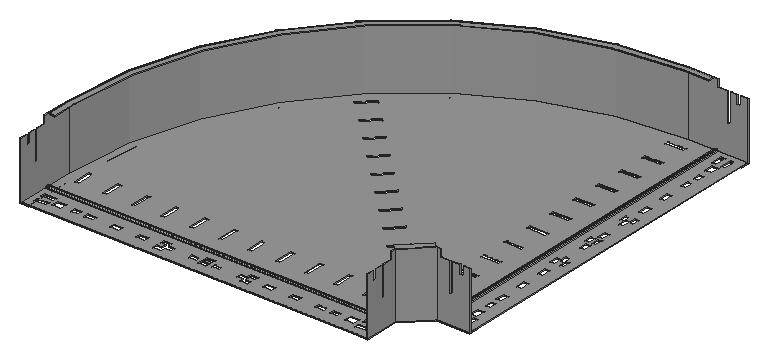
Revit family "Bogen 90 RBM 90160 FS", category Generic Models, Revit 2017
Family settings
  Can host rebar = No
  Round Connector Dimension = Use Diameter
  Part Type = Normal
  Work Plane-Based = No
  Always vertical = Yes
  Cut with Voids When Loaded = No
  Shared = No
  Room Calculation Point = No
Parameters (values of type "RBM 90 160 FS")
  Width = 600 mm
  URL = "http://www.obo-bettermann.com"
  Material = Strip galvanised
  Manufacturer Art.No. = "6041850"
  Manufacturer = "OBO BETTERMANN"
  GTIN = "4012195880592"
  Cut's number 2 = 11
  Cut's number = 12
  Article Type = "RBM 90 160 FS"
Reference planes
  plane 1 "Center (Front/Back)": y = 0
  plane 2: z = 0
  plane 3 "Center (Left/Right)": x = 0
  plane 4: x = 700
  plane 5: x = 645.5
  plane 6: x = 640.7
  plane 7: z = 3.25
  plane 8: z = 3.25
  plane 9: y = 600
  plane 10: y = -100
  plane 11: y = -45.5
  plane 12: y = -40.7
  plane 13: z = 3.25
  plane 14: x = 600
  plane 15: x = 596.9
  plane 16: y = 3.1
  plane 17: x = 595.9
  plane 18: y = 574.5
  plane 19: x = 595.9
  plane 20: y = 524.5
  plane 21: x = 595.9
  plane 22: y = 474.5
  plane 23: x = 595.9
  plane 24: y = 424.5
  plane 25: x = 595.9
  plane 26: y = 374.5
  plane 27: x = 595.9
  plane 28: y = 324.5
  plane 29: x = 595.9
  plane 30: y = 274.5
  plane 31: x = 595.9
  plane 32: y = 224.5
  plane 33: x = 595.9
  plane 34: y = 174.5
  plane 35: x = 595.9
  plane 36: y = 124.5
  plane 37: x = 595.9
  plane 38: y = 74.5
  plane 39: x = 595.9
  plane 40: y = 24.5
  plane 41: x = 25.5
  plane 42: y = 4.1
  plane 43: through (700, -100, 1200) normal (-0.7071, -0.7071, 0)
  plane 44: through (735.355, -135.355, 1200) normal (-0.7071, -0.7071, 0)
  plane 45: through (770.711, -170.711, 1200) normal (-0.7071, -0.7071, 0)
  plane 46: through (806.066, -206.066, 1200) normal (-0.7071, -0.7071, 0)
  plane 47: through (841.421, -241.421, 1200) normal (-0.7071, -0.7071, 0)
  plane 48: through (876.777, -276.777, 1200) normal (-0.7071, -0.7071, 0)
  plane 49: through (912.132, -312.132, 1200) normal (-0.7071, -0.7071, 0)
  plane 50: through (947.487, -347.487, 1200) normal (-0.7071, -0.7071, 0)
  plane 51: through (982.843, -382.843, 1200) normal (-0.7071, -0.7071, 0)
  plane 52: through (1018.198, -418.198, 1200) normal (-0.7071, -0.7071, 0)
  plane 53: through (1053.553, -453.553, 1200) normal (-0.7071, -0.7071, 0)
  plane 54: y = -74.5
  plane 55: x = 300
  plane 56: y = -66.5
  plane 57: y = -82.5
  plane 58: x = 280
  plane 59: x = 218
  plane 60: x = 190
  plane 61: x = 167.5
  plane 62: x = 122.5
  plane 63: x = 145
  plane 64: x = 75
  plane 65: x = 46
  plane 66: y = -66.5
  plane 67: y = -82.5
  plane 68: x = 21.5
  plane 69: x = 700
  plane 70: through (700, -100, 1200) normal (-0.7071, -0.7071, 0)
  plane 71: y = 300
  plane 72: z = 113
  plane 73: x = 648.5
  plane 74: z = 100
  plane 75: x = 670
  plane 76: z = 50
  plane 77: y = -48.5
  plane 78: z = 100
  plane 79: y = -70
  plane 80: z = 50
  plane 81: z = 111.75
  plane 82: z = -1.25
Forms (mm)
  Extrusion 1, solid, material "Strip galvanised" <- "Material"
    sketch origin (0, 0, 0) x (1, 0, 0) y (0, 0, 1)
      loop
        line (700, 0) -> (700, 1.3) -> (649.178, 1.3)
        arc (649.178, 1.3) -> (648.465, 1.48) -> (647.924, 1.976) r 1.5
        arc (647.924, 1.976) -> (645.584, 3.239) -> (643.243, 1.976) r 2.8
        arc (643.243, 1.976) -> (642.702, 1.48) -> (641.99, 1.3) r 1.5
        line (641.99, 1.3) -> (640.7, 1.3) -> (640.7, 0) -> (641.99, 0)
        arc (641.99, 0) -> (643.319, 0.336) -> (644.33, 1.263) r 2.8
        arc (644.33, 1.263) -> (645.584, 1.939) -> (646.837, 1.263) r 1.5
        arc (646.837, 1.263) -> (647.848, 0.336) -> (649.178, 0) r 2.8
        line (649.178, 0) -> (700, 0)
    from -600 to 0
  Extrusion 2, solid, material "Strip galvanised" <- "Material"
    sketch origin (0, 0, 0) x (0, 1, 0) y (0, 0, 1)
      loop
        line (-100, 0) -> (-49.178, 0)
        arc (-49.178, 0) -> (-47.847, 0.337) -> (-46.836, 1.266) r 2.8
        arc (-46.836, 1.266) -> (-45.581, 1.944) -> (-44.326, 1.266) r 1.5
        arc (-44.326, 1.266) -> (-43.315, 0.337) -> (-41.984, 0) r 2.8
        line (-41.984, 0) -> (-40.7, 0) -> (-40.7, 1.3) -> (-41.984, 1.3)
        arc (-41.984, 1.3) -> (-42.697, 1.48) -> (-43.238, 1.978) r 1.5
        arc (-43.238, 1.978) -> (-45.581, 3.244) -> (-47.923, 1.978) r 2.8
        arc (-47.923, 1.978) -> (-48.465, 1.48) -> (-49.178, 1.3) r 1.5
        line (-49.178, 1.3) -> (-100, 1.3) -> (-100, 0)
    from 0 to 600
  Extrusion 3, solid, material "Strip galvanised" <- "Material"
    sketch origin (0, 0, 0) x (1, 0, 0) y (0, 1, 0)
      loop
        line (640.7, 600) -> (597, 600)
        arc (597, 600) -> (174.857, 425.143) -> (0, 3) r 597
        line (0, 3) -> (0, -40.7) -> (600, -40.7) -> (640.7, 0) -> (640.7, 600)
    from 0 to 1.3
  Extrusion 4, void
    sketch origin (0, 0, 0) x (1, 0, 0) y (0, 1, 0)
      loop
        line (579.9, 578) -> (579.9, 571) -> (611.9, 571) -> (611.9, 578) -> (579.9, 578)
    from 0 to 1.3
  Extrusion 5, void
    sketch origin (0, -50, 0) x (1, 0, 0) y (0, 1, 0)
      loop
        line (579.9, 578) -> (579.9, 571) -> (611.9, 571) -> (611.9, 578) -> (579.9, 578)
    from 0 to 1.3
  Extrusion 6, void
    sketch origin (0, -100, 0) x (1, 0, 0) y (0, 1, 0)
      loop
        line (579.9, 578) -> (579.9, 571) -> (611.9, 571) -> (611.9, 578) -> (579.9, 578)
    from 0 to 1.3
  Extrusion 7, void
    sketch origin (0, -150, 0) x (1, 0, 0) y (0, 1, 0)
      loop
        line (579.9, 578) -> (579.9, 571) -> (611.9, 571) -> (611.9, 578) -> (579.9, 578)
    from 0 to 1.3
  Extrusion 8, void
    sketch origin (0, -200, 0) x (1, 0, 0) y (0, 1, 0)
      loop
        line (579.9, 578) -> (579.9, 571) -> (611.9, 571) -> (611.9, 578) -> (579.9, 578)
    from 0 to 1.3
  Extrusion 9, void
    sketch origin (0, -250, 0) x (1, 0, 0) y (0, 1, 0)
      loop
        line (579.9, 578) -> (579.9, 571) -> (611.9, 571) -> (611.9, 578) -> (579.9, 578)
    from 0 to 1.3
  Extrusion 10, void
    sketch origin (0, -300, 0) x (1, 0, 0) y (0, 1, 0)
      loop
        line (579.9, 578) -> (579.9, 571) -> (611.9, 571) -> (611.9, 578) -> (579.9, 578)
    from 0 to 1.3
  Extrusion 11, void
    sketch origin (0, -350, 0) x (1, 0, 0) y (0, 1, 0)
      loop
        line (579.9, 578) -> (579.9, 571) -> (611.9, 571) -> (611.9, 578) -> (579.9, 578)
    from 0 to 1.3
  Extrusion 12, void
    sketch origin (0, -400, 0) x (1, 0, 0) y (0, 1, 0)
      loop
        line (579.9, 578) -> (579.9, 571) -> (611.9, 571) -> (611.9, 578) -> (579.9, 578)
    from 0 to 1.3
  Extrusion 13, void
    sketch origin (0, -450, 0) x (1, 0, 0) y (0, 1, 0)
      loop
        line (579.9, 578) -> (579.9, 571) -> (611.9, 571) -> (611.9, 578) -> (579.9, 578)
    from 0 to 1.3
  Extrusion 14, void
    sketch origin (0, -500, 0) x (1, 0, 0) y (0, 1, 0)
      loop
        line (579.9, 578) -> (579.9, 571) -> (611.9, 571) -> (611.9, 578) -> (579.9, 578)
    from 0 to 1.3
  Extrusion 15, void
    sketch origin (0, -550, 0) x (1, 0, 0) y (0, 1, 0)
      loop
        line (579.9, 578) -> (579.9, 571) -> (611.9, 571) -> (611.9, 578) -> (579.9, 578)
    from 0 to 1.3
  Extrusion 16, void
    sketch origin (0, 0, 0) x (1, 0, 0) y (0, 1, 0)
      loop
        line (22, 20.1) -> (22, -11.9) -> (29, -11.9) -> (29, 20.1) -> (22, 20.1)
    from 0 to 1.3
  Extrusion 17, void
    sketch origin (50, 0, 0) x (1, 0, 0) y (0, 1, 0)
      loop
        line (22, 20.1) -> (22, -11.9) -> (29, -11.9) -> (29, 20.1) -> (22, 20.1)
    from 0 to 1.3
  Extrusion 18, void
    sketch origin (100, 0, 0) x (1, 0, 0) y (0, 1, 0)
      loop
        line (22, 20.1) -> (22, -11.9) -> (29, -11.9) -> (29, 20.1) -> (22, 20.1)
    from 0 to 1.3
  Extrusion 19, void
    sketch origin (150, 0, 0) x (1, 0, 0) y (0, 1, 0)
      loop
        line (22, 20.1) -> (22, -11.9) -> (29, -11.9) -> (29, 20.1) -> (22, 20.1)
    from 0 to 1.3
  Extrusion 20, void
    sketch origin (200, 0, 0) x (1, 0, 0) y (0, 1, 0)
      loop
        line (22, 20.1) -> (22, -11.9) -> (29, -11.9) -> (29, 20.1) -> (22, 20.1)
    from 0 to 1.3
  Extrusion 21, void
    sketch origin (250, 0, 0) x (1, 0, 0) y (0, 1, 0)
      loop
        line (22, 20.1) -> (22, -11.9) -> (29, -11.9) -> (29, 20.1) -> (22, 20.1)
    from 0 to 1.3
  Extrusion 22, void
    sketch origin (300, 0, 0) x (1, 0, 0) y (0, 1, 0)
      loop
        line (22, 20.1) -> (22, -11.9) -> (29, -11.9) -> (29, 20.1) -> (22, 20.1)
    from 0 to 1.3
  Extrusion 23, void
    sketch origin (350, 0, 0) x (1, 0, 0) y (0, 1, 0)
      loop
        line (22, 20.1) -> (22, -11.9) -> (29, -11.9) -> (29, 20.1) -> (22, 20.1)
    from 0 to 1.3
  Extrusion 24, void
    sketch origin (400, 0, 0) x (1, 0, 0) y (0, 1, 0)
      loop
        line (22, 20.1) -> (22, -11.9) -> (29, -11.9) -> (29, 20.1) -> (22, 20.1)
    from 0 to 1.3
  Extrusion 25, void
    sketch origin (450, 0, 0) x (1, 0, 0) y (0, 1, 0)
      loop
        line (22, 20.1) -> (22, -11.9) -> (29, -11.9) -> (29, 20.1) -> (22, 20.1)
    from 0 to 1.3
  Extrusion 26, void
    sketch origin (500, 0, 0) x (1, 0, 0) y (0, 1, 0)
      loop
        line (22, 20.1) -> (22, -11.9) -> (29, -11.9) -> (29, 20.1) -> (22, 20.1)
    from 0 to 1.3
  Extrusion 27, void
    sketch origin (550, 0, 0) x (1, 0, 0) y (0, 1, 0)
      loop
        line (22, 20.1) -> (22, -11.9) -> (29, -11.9) -> (29, 20.1) -> (22, 20.1)
    from 0 to 1.3
  Extrusion 28, void
    sketch origin (0, 0, 0) x (1, 0, 0) y (0, 1, 0)
      loop
        line (179.257, 398.115) -> (184.209, 393.164)
        arc (184.209, 393.164) -> (195.363, 404.637) -> (206.836, 415.791) r 568
        line (206.836, 415.791) -> (201.885, 420.743)
        arc (201.885, 420.743) -> (190.414, 409.586) -> (179.257, 398.115) r 575
    from 0 to 1.3
  Extrusion 29, void
    sketch origin (35.355, -35.355, 0) x (1, 0, 0) y (0, 1, 0)
      loop
        line (179.257, 398.115) -> (184.209, 393.164)
        arc (184.209, 393.164) -> (195.363, 404.637) -> (206.836, 415.791) r 568
        line (206.836, 415.791) -> (201.885, 420.743)
        arc (201.885, 420.743) -> (190.414, 409.586) -> (179.257, 398.115) r 575
    from 0 to 1.3
  Extrusion 30, void
    sketch origin (70.711, -70.711, 0) x (1, 0, 0) y (0, 1, 0)
      loop
        line (179.257, 398.115) -> (184.209, 393.164)
        arc (184.209, 393.164) -> (195.363, 404.637) -> (206.836, 415.791) r 568
        line (206.836, 415.791) -> (201.885, 420.743)
        arc (201.885, 420.743) -> (190.414, 409.586) -> (179.257, 398.115) r 575
    from 0 to 1.3
  Extrusion 31, void
    sketch origin (106.066, -106.066, 0) x (1, 0, 0) y (0, 1, 0)
      loop
        line (179.257, 398.115) -> (184.209, 393.164)
        arc (184.209, 393.164) -> (195.363, 404.637) -> (206.836, 415.791) r 568
        line (206.836, 415.791) -> (201.885, 420.743)
        arc (201.885, 420.743) -> (190.414, 409.586) -> (179.257, 398.115) r 575
    from 0 to 1.3
  Extrusion 32, void
    sketch origin (141.421, -141.421, 0) x (1, 0, 0) y (0, 1, 0)
      loop
        line (179.257, 398.115) -> (184.209, 393.164)
        arc (184.209, 393.164) -> (195.363, 404.637) -> (206.836, 415.791) r 568
        line (206.836, 415.791) -> (201.885, 420.743)
        arc (201.885, 420.743) -> (190.414, 409.586) -> (179.257, 398.115) r 575
    from 0 to 1.3
  Extrusion 33, void
    sketch origin (176.777, -176.777, 0) x (1, 0, 0) y (0, 1, 0)
      loop
        line (179.257, 398.115) -> (184.209, 393.164)
        arc (184.209, 393.164) -> (195.363, 404.637) -> (206.836, 415.791) r 568
        line (206.836, 415.791) -> (201.885, 420.743)
        arc (201.885, 420.743) -> (190.414, 409.586) -> (179.257, 398.115) r 575
    from 0 to 1.3
  Extrusion 34, void
    sketch origin (212.132, -212.132, 0) x (1, 0, 0) y (0, 1, 0)
      loop
        line (179.257, 398.115) -> (184.209, 393.164)
        arc (184.209, 393.164) -> (195.363, 404.637) -> (206.836, 415.791) r 568
        line (206.836, 415.791) -> (201.885, 420.743)
        arc (201.885, 420.743) -> (190.414, 409.586) -> (179.257, 398.115) r 575
    from 0 to 1.3
  Extrusion 35, void
    sketch origin (247.487, -247.487, 0) x (1, 0, 0) y (0, 1, 0)
      loop
        line (179.257, 398.115) -> (184.209, 393.164)
        arc (184.209, 393.164) -> (195.363, 404.637) -> (206.836, 415.791) r 568
        line (206.836, 415.791) -> (201.885, 420.743)
        arc (201.885, 420.743) -> (190.414, 409.586) -> (179.257, 398.115) r 575
    from 0 to 1.3
  Extrusion 36, void
    sketch origin (282.843, -282.843, 0) x (1, 0, 0) y (0, 1, 0)
      loop
        line (179.257, 398.115) -> (184.209, 393.164)
        arc (184.209, 393.164) -> (195.363, 404.637) -> (206.836, 415.791) r 568
        line (206.836, 415.791) -> (201.885, 420.743)
        arc (201.885, 420.743) -> (190.414, 409.586) -> (179.257, 398.115) r 575
    from 0 to 1.3
  Extrusion 37, void
    sketch origin (318.198, -318.198, 0) x (1, 0, 0) y (0, 1, 0)
      loop
        line (179.257, 398.115) -> (184.209, 393.164)
        arc (184.209, 393.164) -> (195.363, 404.637) -> (206.836, 415.791) r 568
        line (206.836, 415.791) -> (201.885, 420.743)
        arc (201.885, 420.743) -> (190.414, 409.586) -> (179.257, 398.115) r 575
    from 0 to 1.3
  Extrusion 38, void
    sketch origin (353.553, -353.553, 0) x (1, 0, 0) y (0, 1, 0)
      loop
        line (179.257, 398.115) -> (184.209, 393.164)
        arc (184.209, 393.164) -> (195.363, 404.637) -> (206.836, 415.791) r 568
        line (206.836, 415.791) -> (201.885, 420.743)
        arc (201.885, 420.743) -> (190.414, 409.586) -> (179.257, 398.115) r 575
    from 0 to 1.3
  Extrusion 39, void
    sketch origin (0, 0, 0) x (1, 0, 0) y (0, 1, 0)
      loop
        line (293, -62.7) -> (293, -70.3) -> (307, -70.3) -> (307, -62.7) -> (293, -62.7)
      loop
        line (293, -82.5) -> (307, -82.5) -> (307, -74.9) -> (293, -74.9) -> (293, -82.5)
      loop
        line (272.922, -70.5) -> (272.922, -78.5) -> (287, -78.5) -> (287, -70.5) -> (272.922, -70.5)
      loop
        line (218, -70.3) -> (227, -70.3) -> (227, -78.7) -> (218, -78.7) -> (218, -86.3) -> (232, -86.3) -> (232, -78.7) -> (243, -78.7) -> (243, -70.7) -> (232, -70.7) -> (232, -62.7) -> (218, -62.7) -> (218, -70.3)
      loop
        line (182, -70.1) -> (182, -78.5) -> (198, -78.5) -> (198, -70.1) -> (182, -70.1)
      loop
        line (153, -70.1) -> (137, -70.1) -> (137, -78.5) -> (153, -78.5) -> (153, -70.1)
      loop
        line (92, -70.1) -> (92, -78.5) -> (108, -78.5) -> (108, -70.1) -> (92, -70.1)
      loop
        line (69, -70.5) -> (69, -78.5) -> (81, -78.5) -> (81, -70.5) -> (69, -70.5)
      loop
        line (38, -68.5) -> (38, -80.5) -> (54, -80.5) -> (54, -68.5) -> (38, -68.5)
      loop
        line (11, -62.7) -> (11, -70.3) -> (32, -70.3) -> (32, -62.7) -> (11, -62.7)
      loop
        line (11, -86.3) -> (32, -86.3) -> (32, -78.7) -> (11, -78.7) -> (11, -86.3)
      loop
        line (327.078, -70.5) -> (313, -70.5) -> (313, -78.5) -> (327.078, -78.5) -> (327.078, -70.5)
      loop
        line (382, -78.72) -> (373, -78.72) -> (373, -70.7) -> (382, -70.7) -> (382, -63.1) -> (368, -63.1) -> (368, -70.7) -> (357, -70.7) -> (357, -78.7) -> (368, -78.7) -> (368, -86.32) -> (382, -86.32) -> (382, -78.72)
      loop
        line (418, -70.1) -> (402, -70.1) -> (402, -78.5) -> (418, -78.5) -> (418, -70.1)
      loop
        line (447, -70.1) -> (447, -78.5) -> (463, -78.5) -> (463, -70.1) -> (447, -70.1)
      loop
        line (508, -70.1) -> (492, -70.1) -> (492, -78.5) -> (508, -78.5) -> (508, -70.1)
      loop
        line (531, -70.5) -> (519, -70.5) -> (519, -78.5) -> (531, -78.5) -> (531, -70.5)
      loop
        line (562, -68.5) -> (546, -68.5) -> (546, -80.5) -> (562, -80.5) -> (562, -68.5)
      loop
        line (589, -62.7) -> (568, -62.7) -> (568, -70.3) -> (589, -70.3) -> (589, -62.7)
      loop
        line (589, -86.3) -> (589, -78.7) -> (568, -78.7) -> (568, -86.3) -> (589, -86.3)
    from 0 to 1.3
  Extrusion 40, void
    sketch origin (0, 0, 0) x (1, 0, 0) y (0, 1, 0)
      loop
        line (662.7, 589) -> (662.7, 568) -> (670.3, 568) -> (670.3, 589) -> (662.7, 589)
      loop
        line (678.7, 589) -> (678.7, 568) -> (686.3, 568) -> (686.3, 589) -> (678.7, 589)
      loop
        line (668.5, 562) -> (668.5, 546) -> (680.5, 546) -> (680.5, 562) -> (668.5, 562)
      loop
        line (670.5, 531) -> (670.5, 519) -> (678.5, 519) -> (678.5, 531) -> (670.5, 531)
      loop
        line (670.1, 508) -> (670.1, 492) -> (678.5, 492) -> (678.5, 508) -> (670.1, 508)
      loop
        line (670.1, 463) -> (670.1, 447) -> (678.5, 447) -> (678.5, 463) -> (670.1, 463)
      loop
        line (670.1, 418) -> (670.1, 402) -> (678.5, 402) -> (678.5, 418) -> (670.1, 418)
      loop
        line (670.5, 327.078) -> (670.5, 313) -> (678.5, 313) -> (678.5, 327.078) -> (670.5, 327.078)
      loop
        line (662.7, 307) -> (662.7, 293) -> (670.3, 293) -> (670.3, 307) -> (662.7, 307)
      loop
        line (674.9, 307) -> (674.9, 293) -> (682.5, 293) -> (682.5, 307) -> (674.9, 307)
      loop
        line (670.5, 287) -> (670.5, 272.922) -> (678.5, 272.922) -> (678.5, 287) -> (670.5, 287)
      loop
        line (670.1, 198) -> (670.1, 182) -> (678.5, 182) -> (678.5, 198) -> (670.1, 198)
      loop
        line (670.1, 153) -> (670.1, 137) -> (678.5, 137) -> (678.5, 153) -> (670.1, 153)
      loop
        line (670.1, 108) -> (670.1, 92) -> (678.5, 92) -> (678.5, 108) -> (670.1, 108)
      loop
        line (670.5, 81) -> (670.5, 69) -> (678.5, 69) -> (678.5, 81) -> (670.5, 81)
      loop
        line (668.5, 54) -> (668.5, 38) -> (680.5, 38) -> (680.5, 54) -> (668.5, 54)
      loop
        line (662.7, 32) -> (662.7, 11) -> (670.3, 11) -> (670.3, 32) -> (662.7, 32)
      loop
        line (678.7, 32) -> (678.7, 11) -> (686.3, 11) -> (686.3, 32) -> (678.7, 32)
      loop
        line (663.1, 232) -> (663.1, 218) -> (670.7, 218) -> (670.7, 226.883) -> (678.752, 226.883) -> (678.752, 218.342) -> (686.33, 218.342) -> (686.33, 232) -> (678.7, 232) -> (678.7, 243) -> (670.7, 243) -> (670.7, 232) -> (663.1, 232)
      loop
        line (663.1, 368) -> (670.7, 368) -> (670.7, 357) -> (678.7, 357) -> (678.7, 368) -> (686.33, 368) -> (686.33, 381.658) -> (678.752, 381.658) -> (678.752, 373.117) -> (670.7, 373.117) -> (670.7, 382) -> (663.1, 382) -> (663.1, 368)
    from 0 to 1.3
  Extrusion 41, solid, material "Strip galvanised" <- "Material"
    sketch origin (0, 0, 0) x (1, 0, 0) y (0, 1, 0)
      loop
        line (700, 600) -> (700, 601.3) -> (597, 601.3)
        arc (597, 601.3) -> (173.938, 426.062) -> (-1.3, 3) r 598.3
        line (-1.3, 3) -> (-1.3, -100) -> (0, -100) -> (0, 3)
        arc (0, 3) -> (174.857, 425.143) -> (597, 600) r 597
        line (597, 600) -> (700, 600)
    from 0 to 113
  Extrusion 42, solid, material "Strip galvanised" <- "Material"
    sketch origin (0, 0, 0) x (1, 0, 0) y (0, 1, 0)
      loop
        line (700, 0) -> (640.7, 0) -> (600, -40.7) -> (600, -100) -> (601.3, -100) -> (601.3, -41.238) -> (641.238, -1.3) -> (700, -1.3) -> (700, 0)
    from 0 to 113
  Extrusion 43, void
    sketch origin (0, 0, 0) x (1, 0, 0) y (0, 0, 1)
      loop
        line (648.5, 113) -> (648.5, 100) -> (665, 100) -> (665, 50) -> (670, 50) -> (670, 100) -> (681.8, 100) -> (681.8, 85.2) -> (688.2, 85.2) -> (688.2, 100) -> (700, 100) -> (700, 113) -> (648.5, 113)
    from 0 to 1.3
  Extrusion 44, void
    sketch origin (600, 600, 0) x (0, -1, 0) y (0, 0, -1)
      loop
        line (648.5, -113) -> (700, -113) -> (700, -100) -> (688.2, -100) -> (688.2, -85.2) -> (681.8, -85.2) -> (681.8, -100) -> (670, -100) -> (670, -50) -> (665, -50) -> (665, -100) -> (648.5, -100) -> (648.5, -113)
    from 0 to 1.3
  Extrusion 45, void
    sketch origin (0, 0, 0) x (1, 0, 0) y (0, 0, 1)
      loop
        line (648.5, 113) -> (648.5, 100) -> (665, 100) -> (665, 50) -> (670, 50) -> (670, 100) -> (681.8, 100) -> (681.8, 85.2) -> (688.2, 85.2) -> (688.2, 100) -> (700, 100) -> (700, 113) -> (648.5, 113)
    from -601.3 to -600
  Extrusion 46, void
    sketch origin (0, 0, 0) x (0, 1, 0) y (0, 0, 1)
      loop
        line (-48.5, 113) -> (-100, 113) -> (-100, 100) -> (-88.2, 100) -> (-88.2, 85.2) -> (-81.8, 85.2) -> (-81.8, 100) -> (-70, 100) -> (-70, 50) -> (-65, 50) -> (-65, 100) -> (-48.5, 100) -> (-48.5, 113)
    from -1.3 to 0
  Extrusion 47, solid, material "Strip galvanised" <- "Material"
    sketch origin (0, 0, 0) x (1, 0, 0) y (0, 1, 0)
      loop
        line (640.7, 600) -> (597, 600)
        arc (597, 600) -> (174.857, 425.143) -> (0, 3) r 597
        line (0, 3) -> (0, -40.7) -> (10.8, -40.7) -> (10.8, 3)
        arc (10.8, 3) -> (182.494, 417.506) -> (597, 589.2) r 586.2
        line (597, 589.2) -> (640.7, 589.2) -> (640.7, 600)
    from 111.75 to 113
  Extrusion 48, solid, material "Strip galvanised"
    sketch origin (0, 0, 0) x (1, 0, 0) y (0, 1, 0)
      loop
        line (700, -1.3) -> (700, 13.7) -> (641.83, 13.7) -> (641.83, -1.3) -> (700, -1.3)
      loop
        line (630.758, 8.84) -> (591.16, -30.758) -> (601.47, -41.068) -> (641.068, -1.47) -> (630.758, 8.84)
      loop
        line (601.3, -100) -> (601.3, -42.03) -> (586.3, -42.03) -> (586.3, -100) -> (601.3, -100)
    from -1.25 to 0
  Extrusion 49, solid, material "Strip galvanised" <- "Material"
    sketch origin (0, 0, 0) x (1, 0, 0) y (0, 1, 0)
      loop
        line (640.149, -0.551) -> (632.531, 7.067) -> (592.924, -32.54) -> (600.542, -40.158) -> (640.149, -0.551)
    from 111.75 to 113
  Extrusion 50, solid, material "Strip galvanised" <- "Material"
    sketch origin (0, 0, 0) x (1, 0, 0) y (0, 1, 0)
      loop
        line (700, 601.3) -> (597, 601.3)
        arc (597, 601.3) -> (173.938, 426.062) -> (-1.3, 3) r 598.3
        line (-1.3, 3) -> (-1.3, -100) -> (13.7, -100) -> (13.7, 3)
        arc (13.7, 3) -> (184.545, 415.455) -> (597, 586.3) r 583.3
        line (597, 586.3) -> (700, 586.3) -> (700, 601.3)
    from -1.25 to 0
Cuts and joins
  Extrusion 4, Extrusion 5, Extrusion 6, Extrusion 7, Extrusion 8, Extrusion 9, Extrusion 10, Extrusion 11, Extrusion 12, Extrusion 13, Extrusion 14, Extrusion 15, Extrusion 16, Extrusion 17, Extrusion 18, Extrusion 19, Extrusion 20, Extrusion 21, Extrusion 22, Extrusion 23, Extrusion 24, Extrusion 25, Extrusion 26, Extrusion 27, Extrusion 28, Extrusion 29, Extrusion 30, Extrusion 31, Extrusion 32, Extrusion 33, Extrusion 34, Extrusion 35, Extrusion 36, Extrusion 37, Extrusion 38 cuts Extrusion 3
  Extrusion 39 cuts Extrusion 2
  Extrusion 40 cuts Extrusion 1
  Extrusion 43, Extrusion 44 cuts Extrusion 42
  Extrusion 45, Extrusion 46 cuts Extrusion 41
Dimensions and locks
  locked: plane 4 to plane 3 "Center (Left/Right)" at 700
  locked: plane 4 to plane 5 at 54.5
  locked: plane 4 to plane 6 at 59.3
  locked: plane 7 to level at 3.25
  locked: Extrusion 1 sketch curve to Extrusion 1 sketch curve at 59.3
  locked: Extrusion 1 sketch curve to Extrusion 1 sketch curve at 1.3
  locked: Extrusion 1 sketch curve to level at 3.239
  locked: plane 1 "Center (Front/Back)" to plane 9 at 600
  locked: plane 3 "Center (Left/Right)" to Extrusion 1 at 700
  locked: plane 10 to plane 11 at 54.5
  locked: plane 10 to plane 12 at 59.3
  locked: plane 13 to level at 3.25
  locked: Extrusion 2 sketch curve to Extrusion 2 sketch curve at 1.3
  locked: Extrusion 2 sketch curve to Extrusion 2 sketch curve at 59.3
  locked: plane 3 "Center (Left/Right)" to plane 14 at 600
  locked: plane 15 to Extrusion 1 at 103.1
  locked: plane 16 to plane 10 at 103.1
  locked: Extrusion 4 sketch curve to Extrusion 4 sketch curve at 7
  locked: plane 18 to Extrusion 4 sketch curve at 3.5
  locked: Extrusion 4 sketch curve to Extrusion 4 sketch curve at 32
  locked: Extrusion 4 sketch curve to plane 17 at 16
  locked: Extrusion 5 sketch curve to Extrusion 5 sketch curve at 7
  locked: plane 20 to Extrusion 5 sketch curve at 3.5
  locked: Extrusion 5 sketch curve to Extrusion 5 sketch curve at 32
  locked: Extrusion 5 sketch curve to plane 19 at 16
  equal spacing: group 1, group 2, group 3, group 4, group 5, group 6, group 7, group 8, group 9, group 10, group 11, group 12  (x2)
  equal spacing: group 12, group 11, group 10, group 9, group 8, group 7, group 6, group 5, group 4, group 3, group 2, group 1
  locked: Extrusion 6 sketch curve to Extrusion 6 sketch curve at 7
  locked: plane 22 to Extrusion 6 sketch curve at 3.5
  locked: Extrusion 6 sketch curve to Extrusion 6 sketch curve at 32
  locked: Extrusion 6 sketch curve to plane 21 at 16
  locked: Extrusion 7 sketch curve to Extrusion 7 sketch curve at 7
  locked: plane 24 to Extrusion 7 sketch curve at 3.5
  locked: Extrusion 7 sketch curve to Extrusion 7 sketch curve at 32
  locked: Extrusion 7 sketch curve to plane 23 at 16
  locked: Extrusion 8 sketch curve to Extrusion 8 sketch curve at 7
  locked: plane 26 to Extrusion 8 sketch curve at 3.5
  locked: Extrusion 8 sketch curve to Extrusion 8 sketch curve at 32
  locked: Extrusion 8 sketch curve to plane 25 at 16
  locked: Extrusion 9 sketch curve to Extrusion 9 sketch curve at 7
  locked: plane 28 to Extrusion 9 sketch curve at 3.5
  locked: Extrusion 9 sketch curve to Extrusion 9 sketch curve at 32
  locked: Extrusion 9 sketch curve to plane 27 at 16
  locked: Extrusion 10 sketch curve to Extrusion 10 sketch curve at 7
  locked: plane 30 to Extrusion 10 sketch curve at 3.5
  locked: Extrusion 10 sketch curve to Extrusion 10 sketch curve at 32
  locked: Extrusion 10 sketch curve to plane 29 at 16
  locked: Extrusion 11 sketch curve to Extrusion 11 sketch curve at 7
  locked: plane 32 to Extrusion 11 sketch curve at 3.5
  locked: Extrusion 11 sketch curve to Extrusion 11 sketch curve at 32
  locked: Extrusion 11 sketch curve to plane 31 at 16
  locked: Extrusion 12 sketch curve to Extrusion 12 sketch curve at 7
  locked: plane 34 to Extrusion 12 sketch curve at 3.5
  locked: Extrusion 12 sketch curve to Extrusion 12 sketch curve at 32
  locked: Extrusion 12 sketch curve to plane 33 at 16
  locked: Extrusion 13 sketch curve to Extrusion 13 sketch curve at 7
  locked: plane 36 to Extrusion 13 sketch curve at 3.5
  locked: Extrusion 13 sketch curve to Extrusion 13 sketch curve at 32
  locked: Extrusion 13 sketch curve to plane 35 at 16
  locked: Extrusion 14 sketch curve to Extrusion 14 sketch curve at 7
  locked: plane 38 to Extrusion 14 sketch curve at 3.5
  locked: Extrusion 14 sketch curve to Extrusion 14 sketch curve at 32
  locked: Extrusion 14 sketch curve to plane 37 at 16
  locked: Extrusion 15 sketch curve to Extrusion 15 sketch curve at 7
  locked: plane 40 to Extrusion 15 sketch curve at 3.5
  locked: Extrusion 15 sketch curve to Extrusion 15 sketch curve at 32
  locked: Extrusion 15 sketch curve to plane 39 at 16
  locked: Extrusion 2 to plane 42 at 104.1
  locked: cut or joined group 1 (Extrusion 3, Extrusion 4, Extrusion 5, Extrusion 6, Extrusion 7, Extrusion 8, Extrusion 9, Extrusion 10, Extrusion 11, Extrusion 12, Extrusion 13, Extrusion 14, Extrusion 15, Extrusion 16, Extrusion 17, Extrusion 18, Extrusion 19, Extrusion 20, Extrusion 21, Extrusion 22, Extrusion 23, Extrusion 24, Extrusion 25, Extrusion 26, Extrusion 27, Extrusion 28, Extrusion 29, Extrusion 30, Extrusion 31, Extrusion 32, Extrusion 33, Extrusion 34, Extrusion 35, Extrusion 36, Extrusion 37, Extrusion 38) to plane 41 at 25.5
  locked: Extrusion 16 sketch curve to Extrusion 16 sketch curve at 32
  locked: Extrusion 16 sketch curve to Extrusion 16 sketch curve at 7
  locked: Extrusion 17 sketch curve to Extrusion 17 sketch curve at 32
  locked: Extrusion 17 sketch curve to Extrusion 17 sketch curve at 7
  equal spacing: group 13, group 14, group 15, group 16, group 17, group 18, group 19, group 20, group 21, group 22, group 23, group 24  (x3)
  locked: Extrusion 18 sketch curve to Extrusion 18 sketch curve at 32
  locked: Extrusion 18 sketch curve to Extrusion 18 sketch curve at 7
  locked: Extrusion 19 sketch curve to Extrusion 19 sketch curve at 32
  locked: Extrusion 19 sketch curve to Extrusion 19 sketch curve at 7
  locked: Extrusion 20 sketch curve to Extrusion 20 sketch curve at 32
  locked: Extrusion 20 sketch curve to Extrusion 20 sketch curve at 7
  locked: Extrusion 21 sketch curve to Extrusion 21 sketch curve at 32
  locked: Extrusion 21 sketch curve to Extrusion 21 sketch curve at 7
  locked: Extrusion 22 sketch curve to Extrusion 22 sketch curve at 32
  locked: Extrusion 22 sketch curve to Extrusion 22 sketch curve at 7
  locked: Extrusion 23 sketch curve to Extrusion 23 sketch curve at 32
  locked: Extrusion 23 sketch curve to Extrusion 23 sketch curve at 7
  locked: Extrusion 24 sketch curve to Extrusion 24 sketch curve at 32
  locked: Extrusion 24 sketch curve to Extrusion 24 sketch curve at 7
  locked: Extrusion 25 sketch curve to Extrusion 25 sketch curve at 32
  locked: Extrusion 25 sketch curve to Extrusion 25 sketch curve at 7
  locked: Extrusion 26 sketch curve to Extrusion 26 sketch curve at 32
  locked: Extrusion 26 sketch curve to Extrusion 26 sketch curve at 7
  locked: Extrusion 27 sketch curve to Extrusion 27 sketch curve at 32
  locked: Extrusion 27 sketch curve to Extrusion 27 sketch curve at 7
  equal spacing: group 25, group 26, group 27, group 28, group 29, group 30, group 31, group 32, group 33, group 34, group 35  (x2)
  equal spacing: group 35, group 34, group 33, group 32, group 31, group 30, group 29, group 28, group 27, group 26, group 25
  locked: Extrusion 2 to plane 55 at 300
  locked: Extrusion 2 to plane 54 at 25.5
  locked: plane 58 to plane 55 at 20
  locked: Extrusion 39 sketch curve to Extrusion 39 sketch curve at 14  (x4)
  locked: plane 55 to Extrusion 39 sketch curve at 7
  locked: Extrusion 39 sketch curve to Extrusion 39 sketch curve at 7.6  (x6)
  locked: plane 56 to Extrusion 39 sketch curve at 3.8
  locked: Extrusion 39 sketch curve to Extrusion 39 sketch curve at 8  (x6)
  locked: plane 54 to Extrusion 39 sketch curve at 4  (x3)
  locked: Extrusion 39 sketch curve to Extrusion 39 sketch curve at 14.078  (x2)
  locked: plane 58 to Extrusion 39 sketch curve at 7
  locked: plane 59 to plane 55 at 82
  locked: Extrusion 39 sketch curve to Extrusion 39 sketch curve at 11  (x2)
  locked: plane 60 to plane 55 at 110
  locked: Extrusion 39 sketch curve to Extrusion 39 sketch curve at 16  (x8)
  locked: plane 60 to Extrusion 39 sketch curve at 8
  locked: Extrusion 39 sketch curve to Extrusion 39 sketch curve at 8.4  (x6)
  locked: plane 61 to plane 60 at 22.5
  locked: plane 63 to plane 60 at 45
  locked: plane 62 to plane 63 at 22.5
  locked: plane 64 to plane 55 at 225
  locked: Extrusion 39 sketch curve to Extrusion 39 sketch curve at 12  (x4)
  locked: plane 64 to Extrusion 39 sketch curve at 6
  locked: plane 65 to plane 55 at 254
  locked: plane 65 to Extrusion 39 sketch curve at 8
  locked: plane 54 to Extrusion 39 sketch curve at 6
  locked: plane 68 to plane 55 at 278.5
  locked: Extrusion 39 sketch curve to Extrusion 39 sketch curve at 21  (x4)
  locked: plane 68 to Extrusion 39 sketch curve at 10.5
  locked: plane 66 to Extrusion 39 sketch curve at 3.8
  plane 66 to plane 54 = 8 mm
  plane 54 to plane 67 = 8 mm
  locked: plane 54 to plane 67 at 8
  cut or joined group of Extrusion 1, Extrusion 40 to plane 71 = 300 mm
  locked: Extrusion 41 sketch curve to cut or joined group of Extrusion 2, Extrusion 39 at 1.3
  locked: Extrusion 41 sketch curve to cut or joined group of Extrusion 1, Extrusion 40 at 1.3
  locked: plane 3 "Center (Left/Right)" to Extrusion 41 sketch curve at 700
  locked: Extrusion 41 sketch curve to Extrusion 41 sketch curve at 701.3
  locked: plane 72 to cut or joined group of Extrusion 1, Extrusion 40 at 113
  locked: plane 74 to Extrusion 42 at 100
  Extrusion 42 to plane 75 = 30 mm
  locked: plane 76 to level at 50
  locked: Extrusion 47 to plane 81 at 1.25
  locked: cut or joined group of Extrusion 42, Extrusion 43, Extrusion 44 to Extrusion 48 sketch curve at 14.582
  locked: Extrusion 48 sketch curve to Extrusion 48 sketch curve at 56
  locked: Extrusion 48 sketch curve to cut or joined group of Extrusion 2, Extrusion 39 at 57.97
  locked: Extrusion 48 sketch curve to cut or joined group of Extrusion 42, Extrusion 43, Extrusion 44 at 15
  locked: Extrusion 48 sketch curve to cut or joined group of Extrusion 1, Extrusion 40 at 58.17
  locked: Extrusion 49 sketch curve to cut or joined group of Extrusion 42, Extrusion 43, Extrusion 44 at 10.774
  locked: Extrusion 49 sketch curve to Extrusion 49 sketch curve at 56.013
  locked: cut or joined group of Extrusion 41, Extrusion 45, Extrusion 46 to Extrusion 50 sketch curve at 15  (x2)
  locked: plane 3 "Center (Left/Right)" to cut or joined group of Extrusion 1, Extrusion 40 at 700
  locked: cut or joined group of Extrusion 2, Extrusion 39 to cut or joined group of Extrusion 41, Extrusion 45, Extrusion 46 at 700
  aligned and locked: level to plane 2
  aligned and locked: Extrusion 1 sketch curve to plane 4
  aligned and locked: plane 1 "Center (Front/Back)" to Extrusion 1
  aligned and locked: plane 9 to Extrusion 1
  aligned and locked: Extrusion 2 sketch curve to plane 10
  aligned and locked: plane 14 to Extrusion 2
  aligned and locked: Extrusion 2 to plane 3 "Center (Left/Right)"
  aligned and locked: Extrusion 3 sketch curve to Extrusion 1
  aligned and locked: Extrusion 3 sketch curve to Extrusion 2
  aligned and locked: Extrusion 1 to Extrusion 3
  aligned and locked: Extrusion 3 to Extrusion 1
  aligned and locked: Extrusion 3 to Extrusion 2  (x2)
  aligned and locked: Extrusion 3 to plane 3 "Center (Left/Right)"
  aligned and locked: Extrusion 3 to level
  aligned and locked: Extrusion 4 to level
  aligned and locked: Extrusion 1 to Extrusion 4
  aligned and locked: Extrusion 16 to level
  aligned and locked: Extrusion 1 to Extrusion 16
  aligned and locked: Extrusion 28 to level
  aligned and locked: Extrusion 2 to Extrusion 28
  aligned and locked: Extrusion 2 to Extrusion 39  (x2)
  aligned and locked: Extrusion 1 to Extrusion 40  (x2)
  aligned and locked: Extrusion 40 sketch curve to Extrusion 40 sketch curve
  aligned and locked: Extrusion 41 to plane 9
  aligned and locked: cut or joined group of Extrusion 1, Extrusion 40 to Extrusion 41
  aligned and locked: plane 3 "Center (Left/Right)" to Extrusion 41
  aligned and locked: Extrusion 41 to plane 10
  aligned and locked: plane 72 to Extrusion 41
  aligned and locked: cut or joined group of Extrusion 1, Extrusion 40 to Extrusion 42 sketch curve
  aligned and locked: cut or joined group of Extrusion 2, Extrusion 39 to Extrusion 42 sketch curve
  aligned and locked: Extrusion 42 to plane 1 "Center (Front/Back)"
  aligned and locked: plane 69 to Extrusion 42
  aligned and locked: Extrusion 42 to plane 10
  aligned and locked: Extrusion 42 to plane 14
  aligned and locked: Extrusion 42 to Extrusion 41
  aligned and locked: Extrusion 42 to level
  aligned and locked: plane 74 to Extrusion 43 sketch curve
  aligned and locked: Extrusion 43 to plane 1 "Center (Front/Back)"
  aligned and locked: Extrusion 42 to Extrusion 43
  aligned and locked: Extrusion 44 sketch curve to plane 78
  aligned and locked: Extrusion 45 to plane 9
  aligned and locked: Extrusion 45 to Extrusion 41
  aligned and locked: plane 3 "Center (Left/Right)" to Extrusion 46
  aligned and locked: Extrusion 41 to Extrusion 46
  aligned and locked: plane 9 to Extrusion 47 sketch curve
  aligned and locked: Extrusion 47 sketch curve to cut or joined group 1  (x2)
  aligned and locked: cut or joined group 1 to Extrusion 47
  aligned and locked: Extrusion 47 to cut or joined group 1
  aligned and locked: cut or joined group of Extrusion 41, Extrusion 45, Extrusion 46 to Extrusion 47
  aligned and locked: Extrusion 47 to plane 81
  aligned and locked: cut or joined group of Extrusion 42, Extrusion 43, Extrusion 44 to Extrusion 48 sketch curve
  aligned and locked: level to Extrusion 48
  aligned and locked: Extrusion 48 to plane 82
  aligned and locked: cut or joined group 1 to Extrusion 49 sketch curve
  aligned and locked: plane 72 to Extrusion 49
  aligned and locked: Extrusion 47 to Extrusion 49
  aligned and locked: Extrusion 50 sketch curve to cut or joined group of Extrusion 41, Extrusion 45, Extrusion 46
  aligned and locked: plane 10 to Extrusion 50 sketch curve
  aligned and locked: level to Extrusion 50
  aligned and locked: Extrusion 50 to Extrusion 48
Automatic sketch dimensions
  Extrusion 28 sketch curve to Extrusion 28 sketch curve = 0 mm  (x4)
  plane 43 to Extrusion 28 sketch curve = 0 mm
  Extrusion 28 sketch curve to Extrusion 28 sketch curve = 4.952 mm  (x3)
  Extrusion 28 sketch curve to Extrusion 28 sketch curve = 22.627 mm
  plane 43 to Extrusion 28 sketch curve = 16 mm
  Extrusion 28 sketch curve to Extrusion 28 sketch curve = 412.791 mm
  Extrusion 29 sketch curve to Extrusion 29 sketch curve = 0 mm  (x4)
  plane 44 to Extrusion 29 sketch curve = 0 mm
  Extrusion 29 sketch curve to Extrusion 29 sketch curve = 4.952 mm  (x3)
  Extrusion 29 sketch curve to Extrusion 29 sketch curve = 22.627 mm
  plane 44 to Extrusion 29 sketch curve = 16 mm
  Extrusion 29 sketch curve to Extrusion 29 sketch curve = 412.791 mm
  Extrusion 30 sketch curve to Extrusion 30 sketch curve = 0 mm  (x4)
  plane 45 to Extrusion 30 sketch curve = 0 mm
  Extrusion 30 sketch curve to Extrusion 30 sketch curve = 4.952 mm  (x3)
  Extrusion 30 sketch curve to Extrusion 30 sketch curve = 22.627 mm
  plane 45 to Extrusion 30 sketch curve = 16 mm
  Extrusion 30 sketch curve to Extrusion 30 sketch curve = 412.791 mm
  Extrusion 31 sketch curve to Extrusion 31 sketch curve = 0 mm  (x4)
  plane 46 to Extrusion 31 sketch curve = 0 mm
  Extrusion 31 sketch curve to Extrusion 31 sketch curve = 4.952 mm  (x3)
  Extrusion 31 sketch curve to Extrusion 31 sketch curve = 22.627 mm
  plane 46 to Extrusion 31 sketch curve = 16 mm
  Extrusion 31 sketch curve to Extrusion 31 sketch curve = 412.791 mm
  Extrusion 32 sketch curve to Extrusion 32 sketch curve = 0 mm  (x4)
  plane 47 to Extrusion 32 sketch curve = 0 mm
  Extrusion 32 sketch curve to Extrusion 32 sketch curve = 4.952 mm  (x3)
  Extrusion 32 sketch curve to Extrusion 32 sketch curve = 22.627 mm
  plane 47 to Extrusion 32 sketch curve = 16 mm
  Extrusion 32 sketch curve to Extrusion 32 sketch curve = 412.791 mm
  Extrusion 33 sketch curve to Extrusion 33 sketch curve = 0 mm  (x4)
  plane 48 to Extrusion 33 sketch curve = 0 mm
  Extrusion 33 sketch curve to Extrusion 33 sketch curve = 4.952 mm  (x3)
  Extrusion 33 sketch curve to Extrusion 33 sketch curve = 22.627 mm
  plane 48 to Extrusion 33 sketch curve = 16 mm
  Extrusion 33 sketch curve to Extrusion 33 sketch curve = 412.791 mm
  Extrusion 34 sketch curve to Extrusion 34 sketch curve = 0 mm  (x4)
  plane 49 to Extrusion 34 sketch curve = 0 mm
  Extrusion 34 sketch curve to Extrusion 34 sketch curve = 4.952 mm  (x3)
  Extrusion 34 sketch curve to Extrusion 34 sketch curve = 22.627 mm
  plane 49 to Extrusion 34 sketch curve = 16 mm
  Extrusion 34 sketch curve to Extrusion 34 sketch curve = 412.791 mm
  Extrusion 35 sketch curve to Extrusion 35 sketch curve = 0 mm  (x4)
  plane 50 to Extrusion 35 sketch curve = 0 mm
  Extrusion 35 sketch curve to Extrusion 35 sketch curve = 4.952 mm  (x3)
  Extrusion 35 sketch curve to Extrusion 35 sketch curve = 22.627 mm
  plane 50 to Extrusion 35 sketch curve = 16 mm
  Extrusion 35 sketch curve to Extrusion 35 sketch curve = 412.791 mm
  Extrusion 36 sketch curve to Extrusion 36 sketch curve = 0 mm  (x4)
  plane 51 to Extrusion 36 sketch curve = 0 mm
  Extrusion 36 sketch curve to Extrusion 36 sketch curve = 4.952 mm  (x3)
  Extrusion 36 sketch curve to Extrusion 36 sketch curve = 22.627 mm
  plane 51 to Extrusion 36 sketch curve = 16 mm
  Extrusion 36 sketch curve to Extrusion 36 sketch curve = 412.791 mm
  Extrusion 37 sketch curve to Extrusion 37 sketch curve = 0 mm  (x4)
  plane 52 to Extrusion 37 sketch curve = 0 mm
  Extrusion 37 sketch curve to Extrusion 37 sketch curve = 4.952 mm  (x3)
  Extrusion 37 sketch curve to Extrusion 37 sketch curve = 22.627 mm
  plane 52 to Extrusion 37 sketch curve = 16 mm
  Extrusion 37 sketch curve to Extrusion 37 sketch curve = 412.791 mm
  Extrusion 38 sketch curve to Extrusion 38 sketch curve = 0 mm  (x4)
  plane 53 to Extrusion 38 sketch curve = 0 mm
  Extrusion 38 sketch curve to Extrusion 38 sketch curve = 4.952 mm  (x3)
  Extrusion 38 sketch curve to Extrusion 38 sketch curve = 22.627 mm
  plane 53 to Extrusion 38 sketch curve = 16 mm
  Extrusion 38 sketch curve to Extrusion 38 sketch curve = 412.791 mm
  Extrusion 1 sketch curve to Extrusion 1 sketch curve = 0 mm  (x8)
  Extrusion 1 sketch curve to level = 0 mm  (x2)
  Extrusion 1 sketch curve to plane 7 = 0.45 mm  (x2)
  plane 6 to Extrusion 1 sketch curve = 1.29 mm
  plane 5 to Extrusion 1 sketch curve = 0.084 mm
  plane 5 to Extrusion 1 sketch curve = 3.678 mm
  level to Extrusion 1 sketch curve = 0.439 mm
  level to Extrusion 1 sketch curve = 1.3 mm
  Extrusion 2 sketch curve to Extrusion 2 sketch curve = 0 mm  (x8)
  Extrusion 2 sketch curve to level = 0 mm  (x2)
  Extrusion 2 sketch curve to plane 13 = 0.45 mm  (x2)
  Extrusion 2 sketch curve to plane 11 = 3.678 mm
  Extrusion 2 sketch curve to plane 11 = 0.081 mm
  Extrusion 2 sketch curve to plane 12 = 1.284 mm
  level to Extrusion 2 sketch curve = 0.444 mm
  Extrusion 2 sketch curve to Extrusion 2 sketch curve = 1.3 mm
  Extrusion 3 sketch curve to plane 3 "Center (Left/Right)" = 0 mm
  Extrusion 3 sketch curve to plane 9 = 0 mm
  Extrusion 3 sketch curve to plane 14 = 0 mm
  plane 1 "Center (Front/Back)" to Extrusion 3 sketch curve = 0 mm
  plane 15 to Extrusion 3 sketch curve = 0.1 mm
  Extrusion 39 sketch curve to plane 59 = 0 mm  (x2)
  Extrusion 39 sketch curve to plane 57 = 0 mm
  plane 57 to Extrusion 39 sketch curve = 3.8 mm  (x3)
  Extrusion 39 sketch curve to Extrusion 39 sketch curve = 0 mm  (x3)
  Extrusion 39 sketch curve to plane 54 = 4 mm  (x6)
  Extrusion 39 sketch curve to Extrusion 39 sketch curve = 11 mm  (x3)
  Extrusion 39 sketch curve to plane 56 = 3.6 mm
  Extrusion 39 sketch curve to plane 63 = 8 mm
  Extrusion 39 sketch curve to Extrusion 39 sketch curve = 9 mm
  Extrusion 39 sketch curve to Extrusion 39 sketch curve = 5 mm  (x2)
  Extrusion 39 sketch curve to Extrusion 39 sketch curve = 6 mm  (x3)
  plane 54 to Extrusion 39 sketch curve = 3.8 mm  (x2)
  Extrusion 39 sketch curve to Extrusion 39 sketch curve = 29.922 mm
  Extrusion 39 sketch curve to plane 57 = 3.82 mm
  plane 57 to Extrusion 39 sketch curve = 3.78 mm
  Extrusion 39 sketch curve to Extrusion 39 sketch curve = 20 mm
  Extrusion 39 sketch curve to Extrusion 39 sketch curve = 29 mm  (x2)
  Extrusion 39 sketch curve to plane 56 = 2 mm
  Extrusion 39 sketch curve to Extrusion 39 sketch curve = 15 mm
  Extrusion 39 sketch curve to plane 57 = 3.8 mm  (x2)
  plane 56 to Extrusion 39 sketch curve = 3.8 mm  (x2)
  Extrusion 39 sketch curve to plane 56 = 3.8 mm
  plane 56 to Extrusion 39 sketch curve = 3.4 mm
  Extrusion 40 sketch curve to plane 9 = 11 mm
  Extrusion 40 sketch curve to plane 69 = 37.3 mm  (x3)
  Extrusion 40 sketch curve to plane 71 = 7 mm  (x2)
  Extrusion 40 sketch curve to plane 69 = 36.9 mm  (x2)
  Extrusion 40 sketch curve to Extrusion 40 sketch curve = 5.8 mm  (x2)
  Extrusion 40 sketch curve to plane 69 = 29.9 mm  (x2)
  Extrusion 40 sketch curve to Extrusion 40 sketch curve = 0 mm  (x8)
  Extrusion 40 sketch curve to Extrusion 40 sketch curve = 7.6 mm  (x7)
  Extrusion 40 sketch curve to Extrusion 40 sketch curve = 1.8 mm  (x2)
  Extrusion 40 sketch curve to Extrusion 40 sketch curve = 0.4 mm
  Extrusion 40 sketch curve to Extrusion 40 sketch curve = 0.2 mm  (x2)
  Extrusion 40 sketch curve to Extrusion 40 sketch curve = 2 mm
  Extrusion 40 sketch curve to Extrusion 40 sketch curve = 4.6 mm
  Extrusion 40 sketch curve to Extrusion 40 sketch curve = 8.4 mm  (x8)
  Extrusion 40 sketch curve to Extrusion 40 sketch curve = 8 mm  (x5)
  Extrusion 40 sketch curve to Extrusion 40 sketch curve = 3.6 mm
  Extrusion 40 sketch curve to Extrusion 40 sketch curve = 0.052 mm
  Extrusion 40 sketch curve to Extrusion 40 sketch curve = 8.052 mm
  Extrusion 40 sketch curve to Extrusion 40 sketch curve = 12 mm  (x3)
  Extrusion 40 sketch curve to Extrusion 40 sketch curve = 4 mm
  Extrusion 40 sketch curve to Extrusion 40 sketch curve = 7.578 mm
  Extrusion 40 sketch curve to Extrusion 40 sketch curve = 7.63 mm
  Extrusion 40 sketch curve to Extrusion 40 sketch curve = 6 mm  (x6)
  Extrusion 40 sketch curve to Extrusion 40 sketch curve = 14.078 mm  (x2)
  Extrusion 40 sketch curve to Extrusion 40 sketch curve = 29.922 mm  (x2)
  Extrusion 40 sketch curve to Extrusion 40 sketch curve = 11 mm  (x4)
  Extrusion 40 sketch curve to Extrusion 40 sketch curve = 5.117 mm  (x2)
  Extrusion 40 sketch curve to Extrusion 40 sketch curve = 8.54 mm  (x2)
  Extrusion 40 sketch curve to Extrusion 40 sketch curve = 0.342 mm  (x2)
  Extrusion 40 sketch curve to Extrusion 40 sketch curve = 20.342 mm
  Extrusion 40 sketch curve to Extrusion 40 sketch curve = 16 mm  (x8)
  Extrusion 40 sketch curve to Extrusion 40 sketch curve = 29 mm  (x4)
  Extrusion 40 sketch curve to Extrusion 40 sketch curve = 15 mm  (x2)
  plane 42 to Extrusion 40 sketch curve = 6.9 mm  (x2)
  plane 71 to Extrusion 40 sketch curve = 7 mm
  Extrusion 40 sketch curve to Extrusion 40 sketch curve = 20 mm
  Extrusion 41 sketch curve to Extrusion 41 sketch curve = 0 mm  (x2)
  Extrusion 41 sketch curve to plane 3 "Center (Left/Right)" = 0 mm
  Extrusion 41 sketch curve to plane 14 = 3 mm
  Extrusion 42 sketch curve to plane 14 = 0 mm
  plane 1 "Center (Front/Back)" to Extrusion 42 sketch curve = 0 mm
  plane 14 to Extrusion 42 sketch curve = 1.3 mm
  plane 14 to Extrusion 42 sketch curve = 40.7 mm
  plane 1 "Center (Front/Back)" to Extrusion 42 sketch curve = 1.3 mm
  Extrusion 42 sketch curve to Extrusion 42 sketch curve = 0.538 mm  (x2)
  plane 1 "Center (Front/Back)" to Extrusion 42 sketch curve = 41.238 mm
  Extrusion 43 sketch curve to plane 72 = 0 mm
  Extrusion 43 sketch curve to plane 73 = 0 mm
  Extrusion 43 sketch curve to plane 76 = 0 mm
  Extrusion 43 sketch curve to plane 74 = 0 mm  (x2)
  plane 75 to Extrusion 43 sketch curve = 0 mm
  Extrusion 43 sketch curve to plane 69 = 0 mm
  Extrusion 43 sketch curve to plane 75 = 5 mm
  plane 75 to Extrusion 43 sketch curve = 11.8 mm
  Extrusion 43 sketch curve to Extrusion 43 sketch curve = 6.4 mm
  Extrusion 43 sketch curve to plane 74 = 14.8 mm
  Extrusion 44 sketch curve to plane 72 = 0 mm
  Extrusion 44 sketch curve to plane 77 = 0 mm
  Extrusion 44 sketch curve to plane 80 = 0 mm
  Extrusion 44 sketch curve to plane 78 = 0 mm  (x2)
  Extrusion 44 sketch curve to plane 79 = 0 mm
  Extrusion 44 sketch curve to plane 10 = 0 mm
  Extrusion 44 sketch curve to plane 79 = 5 mm
  plane 79 to Extrusion 44 sketch curve = 11.8 mm
  Extrusion 44 sketch curve to Extrusion 44 sketch curve = 6.4 mm
  Extrusion 44 sketch curve to plane 78 = 14.8 mm
  Extrusion 45 sketch curve to plane 72 = 0 mm
  Extrusion 45 sketch curve to plane 69 = 0 mm
  Extrusion 45 sketch curve to plane 69 = 11.8 mm
  Extrusion 45 sketch curve to Extrusion 45 sketch curve = 6.4 mm
  Extrusion 45 sketch curve to plane 69 = 30 mm
  Extrusion 45 sketch curve to Extrusion 45 sketch curve = 5 mm
  Extrusion 45 sketch curve to Extrusion 45 sketch curve = 16.5 mm
  Extrusion 45 sketch curve to plane 72 = 13 mm  (x2)
  Extrusion 45 sketch curve to Extrusion 45 sketch curve = 0 mm
  Extrusion 45 sketch curve to Extrusion 45 sketch curve = 14.8 mm
  Extrusion 45 sketch curve to Extrusion 45 sketch curve = 35.2 mm
  Extrusion 46 sketch curve to plane 10 = 0 mm
  Extrusion 46 sketch curve to plane 72 = 0 mm
  plane 10 to Extrusion 46 sketch curve = 11.8 mm
  Extrusion 46 sketch curve to Extrusion 46 sketch curve = 6.4 mm
  Extrusion 46 sketch curve to Extrusion 46 sketch curve = 11.8 mm
  Extrusion 46 sketch curve to Extrusion 46 sketch curve = 5 mm
  Extrusion 46 sketch curve to Extrusion 46 sketch curve = 16.5 mm
  Extrusion 46 sketch curve to Extrusion 46 sketch curve = 13 mm  (x2)
  Extrusion 46 sketch curve to Extrusion 46 sketch curve = 0 mm
  Extrusion 46 sketch curve to Extrusion 46 sketch curve = 14.8 mm
  Extrusion 46 sketch curve to Extrusion 46 sketch curve = 35.2 mm
  Extrusion 47 sketch curve to Extrusion 47 sketch curve = 0 mm  (x2)
  Extrusion 47 sketch curve to plane 3 "Center (Left/Right)" = 0 mm
  Extrusion 47 sketch curve to plane 42 = 1.1 mm
  Extrusion 47 sketch curve to Extrusion 47 sketch curve = 10.8 mm
  Extrusion 48 sketch curve to plane 10 = 0 mm
  Extrusion 48 sketch curve to plane 69 = 0 mm
  plane 42 to Extrusion 48 sketch curve = 9.6 mm
  plane 1 "Center (Front/Back)" to Extrusion 48 sketch curve = 1.47 mm
  Extrusion 48 sketch curve to Extrusion 48 sketch curve = 0.17 mm  (x2)
  plane 14 to Extrusion 49 sketch curve = 0.542 mm
  Extrusion 50 sketch curve to Extrusion 50 sketch curve = 0 mm  (x2)
  Extrusion 50 sketch curve to plane 14 = 3 mm
  Extrusion 50 sketch curve to plane 3 "Center (Left/Right)" = 1.3 mm
